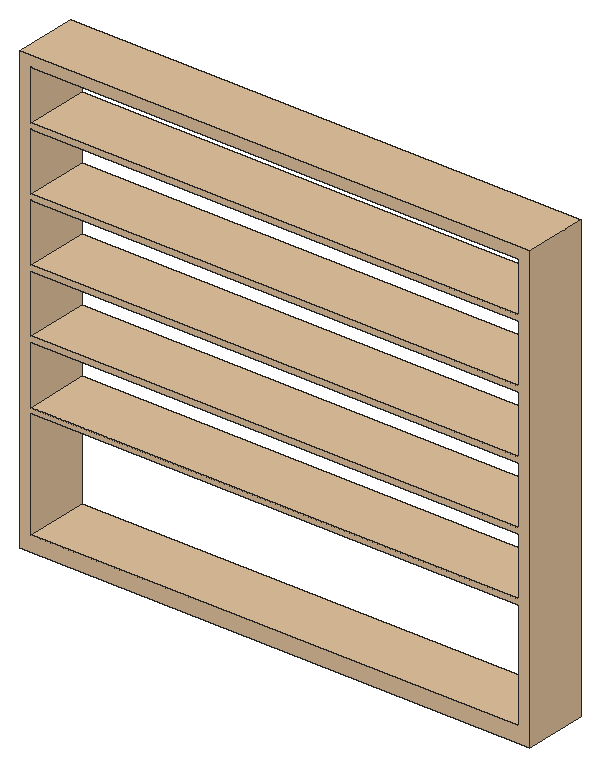
Revit family
Parameters (values of type "2440 x 0305 x 2134mm")
  Keynote = "N"
  Depth = 305.00 mm
  Height = 2134.00 mm
  Material = Wood - Birch
  Width = 2440.00 mm
Types (3, lengths in mm): name | Depth | Height | Width
  (no name) | 305.00 | 2134.00 | 2440.00
  0915 x 0254 x 1830mm | 254.00 | 1830.00 | 915.00
  2440 x 0305 x 2134mm | 305.00 | 2134.00 | 2440.00
Reference planes
  plane 1: y = -304.8
  plane 2: z = 0
  plane 3: x = 0
  plane 4 "Back": y = -152.3
  plane 5 "Front": y = -457.3
  plane 6 "Right": x = 1220
  plane 7 "Left": x = -1220
  plane 8: z = 2134
  plane 9: x = -1169.2
  plane 10: x = 1169.2
  plane 11: x = -1220
  plane 12: x = 1220
  plane 13: z = 1524.286
  plane 14: z = 914.571
  plane 15: z = 304.857
  plane 16: z = 1829.143
  plane 17: z = 1219.429
  plane 18: z = 609.714
Forms (mm)
  Extrusion 1, solid, material "Wood - Birch" <- "Material"
    sketch origin (0, 0, 0) x (1, 0, 0) y (0, 0, 1)
      loop
        line (-1220, 0) -> (1220, 0) -> (1220, 2134) -> (-1220, 2134) -> (-1220, 0)
      loop
        line (-1169.2, 2083.2) -> (-1169.2, 1841.843) -> (1169.2, 1841.843) -> (1169.2, 2083.2) -> (-1169.2, 2083.2)
      loop
        line (-1169.2, 76.2) -> (1169.2, 76.2) -> (1169.2, 597.014) -> (-1169.2, 597.014) -> (-1169.2, 76.2)
      loop
        line (1169.2, 1232.129) -> (1169.2, 1511.586) -> (-1169.2, 1511.586) -> (-1169.2, 1232.129) -> (1169.2, 1232.129)
      loop
        line (-1169.2, 1816.443) -> (-1169.2, 1536.986) -> (1169.2, 1536.986) -> (1169.2, 1816.443) -> (-1169.2, 1816.443)
      loop
        line (-1169.2, 1206.729) -> (-1169.2, 927.271) -> (1169.2, 927.271) -> (1169.2, 1206.729) -> (-1169.2, 1206.729)
      loop
        line (-1169.2, 901.871) -> (-1169.2, 622.414) -> (1169.2, 622.414) -> (1169.2, 901.871) -> (-1169.2, 901.871)
    from 152.3 to 457.3
Lines and regions (mm)
  Masking region 1
    outline origin (0, 0, 0) x (1, 0, 0) y (0, 1, 0)
      loop
        line (-1220, -152.3) -> (-1220, -457.3) -> (1220, -457.3) -> (1220, -152.3) -> (-1220, -152.3)
  symbolic lines, style "Furniture"
    curve 1: line (-1220, -152.3, 0) -> (1220, -152.3, 0)
    curve 2: line (-1220, -457.3, 0) -> (-1220, -152.3, 0)
    curve 3: line (1220, -457.3, 0) -> (-1220, -457.3, 0)
    curve 4: line (1220, -152.3, 0) -> (1220, -457.3, 0)
Dimensions and locks
  locked: plane 11 to plane 9 at 50.8
  plane 8 to Extrusion 1 sketch curve = 50.80 mm
  Extrusion 1 sketch curve to plane 2 = 76.20 mm
  "Width": plane 7 "Left" to plane 6 "Right"
  equal spacing: plane 7 "Left", plane 3, plane 6 "Right"
  equal spacing: plane 4 "Back", plane 1, plane 5 "Front"
  "Depth": plane 4 "Back" to plane 5 "Front"
  "Height": plane 8 to plane 2
  equal spacing: plane 8, plane 16, plane 13, plane 17, plane 14, plane 18, plane 15, plane 2
  locked: Extrusion 1 sketch curve to plane 16 at 12.7
  locked: plane 16 to Extrusion 1 sketch curve at 12.7
  locked: Extrusion 1 sketch curve to plane 13 at 12.7
  locked: plane 13 to Extrusion 1 sketch curve at 12.7
  locked: Extrusion 1 sketch curve to plane 17 at 12.7
  locked: plane 17 to Extrusion 1 sketch curve at 12.7
  locked: Extrusion 1 sketch curve to plane 14 at 12.7
  locked: plane 14 to Extrusion 1 sketch curve at 12.7
  locked: Extrusion 1 sketch curve to plane 18 at 12.7
  locked: plane 18 to Extrusion 1 sketch curve at 12.7
  locked: plane 10 to plane 12 at 50.8
  aligned and locked: Extrusion 1 to plane 5 "Front"
  aligned and locked: Extrusion 1 sketch curve to plane 11
  aligned and locked: Extrusion 1 sketch curve to plane 12
  aligned and locked: plane 11 to plane 7 "Left"
  aligned and locked: plane 12 to plane 6 "Right"
  aligned and locked: plane 4 "Back" to Extrusion 1
  aligned and locked: plane 10 to Extrusion 1 sketch curve  (x4)
  aligned and locked: Extrusion 1 sketch curve to Extrusion 1 sketch curve
Automatic sketch dimensions
  Extrusion 1 sketch curve to plane 9 = 0.00 mm  (x5)
  Extrusion 1 sketch curve to plane 10 = 0.00 mm  (x2)
  Extrusion 1 sketch curve to level = 0.00 mm
  Extrusion 1 sketch curve to plane 8 = 0.00 mm
  curve 3 to plane 5 "Front" = 0.00 mm
  curve 3 to plane 7 "Left" = 0.00 mm
  curve 3 to plane 6 "Right" = 0.00 mm
  curve 2 to plane 4 "Back" = 0.00 mm
  Masking region 1 sketch curve to plane 5 "Front" = 0.00 mm
  Masking region 1 sketch curve to plane 7 "Left" = 0.00 mm
  Masking region 1 sketch curve to plane 6 "Right" = 0.00 mm
  Masking region 1 sketch curve to plane 4 "Back" = 0.00 mm
